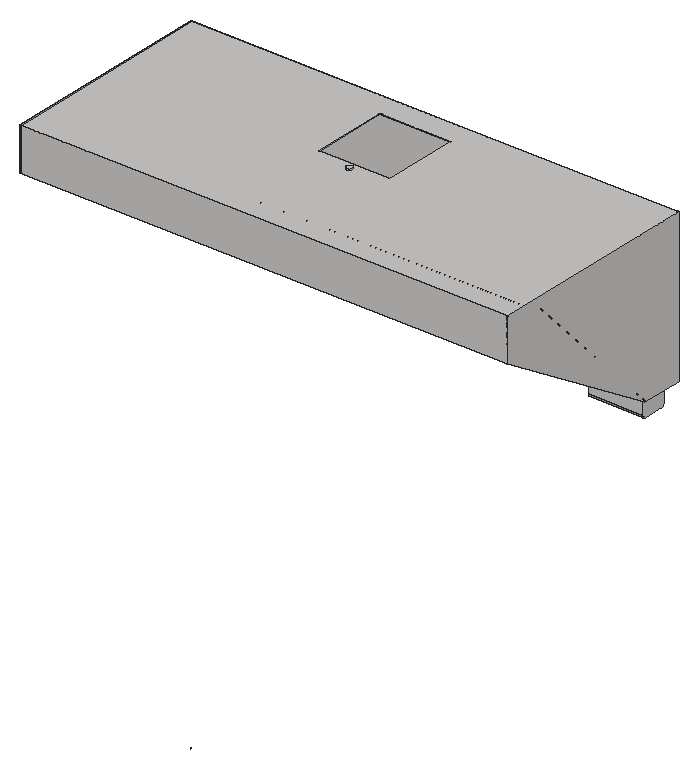
Revit family "QF_ELECTROLUXPROFESSIONAL_644200_AMPV716DT", category Specialty Equipment, Revit 2014
Reference planes
  plane 1: z = 0
  plane 2 "Center (Left/Right)": x = 150
  plane 3 "LEFT": x = -650
  plane 4 "RIGHT": x = 950
  plane 5 "BACK": y = 550
  plane 6 "Plane": z = 2000
  plane 7 "TOP": z = 2140
  plane 8 "Base": z = 1640
  plane 9: z = 1566
  plane 10 "DrainY": y = 485
  plane 11: x = -647
  plane 12: through (0, 414.509, 1640.8) normal (0, 0.7314, 0.682)
  plane 13: y = 470
  plane 14: y = 220
  plane 15 "DrainX": x = 830
  plane 16: x = 33.5
  plane 17: x = 266.5
  plane 18: x = 947
  plane 19: x = 740
  plane 20: x = 920
  plane 21: x = -450
  plane 22: x = 750
  plane 23: x = -47.5
  plane 24: x = 347.5
  plane 25 "FRONT": y = -150
  plane 26 "Center (Front/Back)": y = 200
Forms (mm)
  Extrusion 1, solid, material "QF_Finishes_Stainless Steel"
    sketch origin (-650, 0, 0) x (0, 1, 0) y (0, 0, 1)
      loop
        line (550, 1640) -> (550, 2140) -> (-150, 2140) -> (-150, 1998.603) -> (413.973, 1640) -> (550, 1640)
    from 0 to 3
  Extrusion 2, solid, material "QF_Finishes_Stainless Steel"
    sketch origin (150, 0, 0) x (0, 1, 0) y (0, 0, 1)
      loop
        line (415.255, 1640) -> (550, 1640) -> (550, 2139.19) -> (549.2, 2139.19) -> (549.2, 1640.8) -> (415.876, 1640.8) -> (339.347, 1722.867) -> (349.609, 1732.436) -> (348.927, 1733.167) -> (337.934, 1722.917) -> (415.255, 1640)
      loop
        line (-82.203, 2139.19) -> (-82.203, 2118.6) -> (-31.047, 2118.6) -> (34.354, 2048.466) -> (46.028, 2059.352) -> (45.346, 2060.083) -> (34.403, 2049.879) -> (-30.612, 2119.6) -> (-81.203, 2119.6) -> (-81.203, 2139.19) -> (-82.203, 2139.19)
    from -797 to 797
  Extrusion 3, solid, material "QF_Finishes_Stainless Steel"
    sketch origin (950, 0, 0) x (0, 1, 0) y (0, 0, 1)
      loop
        line (550, 1640) -> (550, 2140) -> (-150, 2140) -> (-150, 1998.603) -> (413.973, 1640) -> (550, 1640)
    from 0 to -3
  Extrusion 4, solid, material "QF_Finishes_Stainless Steel"
    sketch origin (150, 0, 0) x (0, 1, 0) y (0, 0, 1)
      loop
        line (-150, 2140) -> (-150, 2000) -> (-149.2, 2000) -> (-149.2, 2139.19) -> (550, 2139.19) -> (550, 2140) -> (-150, 2140)
    from -800 to 800
  Extrusion 5, solid, material "QF_Finishes_Stainless Steel"
    sketch origin (150, 0, 0) x (0, 1, 0) y (0, 0, 1)
      loop
        line (534, 1640) -> (436, 1640) -> (436, 1627) -> (443.5, 1627) -> (443.5, 1576)
        arc (443.5, 1576) -> (446.429, 1568.929) -> (453.5, 1566) r 10
        line (453.5, 1566) -> (516.5, 1566)
        arc (516.5, 1566) -> (523.571, 1568.929) -> (526.5, 1576) r 10
        line (526.5, 1576) -> (526.5, 1627) -> (534, 1627) -> (534, 1640)
    from 590 to 770
  Extrusion 6, solid, material "QF_Finishes_Stainless Steel"
    sketch origin (0, 0, 1640) x (0, 1, 0) y (-1, 0, 0)
      loop
        circle (485, -830) r 20
    from -76 to -74
  Extrusion 7, solid, material "QF_Finished_Chrome"
    sketch origin (150, 0, 0) x (0, 1, 0) y (0, 0, 1)
      loop
        line (337.934, 1722.917) -> (341.591, 1726.327) -> (38.011, 2051.876) -> (34.354, 2048.466) -> (337.934, 1722.917)
    from -197.5 to -600
  Extrusion 8, solid, material "QF_Finishes_Stainless Steel"
    sketch origin (150, 0, 0) x (0, 1, 0) y (0, 0, 1)
      loop
        line (337.934, 1722.917) -> (341.591, 1726.327) -> (38.011, 2051.876) -> (34.354, 2048.466) -> (337.934, 1722.917)
    from 797 to 600
  Extrusion 9, solid, material "QF_Finished_Chrome"
    sketch origin (150, 0, 0) x (0, 1, 0) y (0, 0, 1)
      loop
        line (341.588, 1726.324) -> (38.009, 2051.874) -> (34.354, 2048.466) -> (337.934, 1722.917) -> (341.588, 1726.324)
    from 197.5 to 600
  Extrusion 10, void
    sketch origin (0, 0, 2140) x (0, 1, 0) y (-1, 0, 0)
      loop
        line (470, -266.5) -> (470, -33.5) -> (220, -33.5) -> (220, -266.5) -> (470, -266.5)
    from 0 to -10
  Extrusion 11, solid, material "QF_Finishes_Stainless Steel"
    sketch origin (0, 0, 0) x (1, 0, 0) y (0, 1, 0)
      loop
        line (-650, 550) -> (-650, 549) -> (-649, 549) -> (-649, 550) -> (-650, 550)
    from 0 to 1
  Extrusion 12, solid, material "QF_Finishes_Stainless Steel"
    sketch origin (150, 0, 0) x (0, 1, 0) y (0, 0, 1)
      loop
        line (337.934, 1722.917) -> (341.591, 1726.327) -> (38.011, 2051.876) -> (34.354, 2048.466) -> (337.934, 1722.917)
    from -600 to -797
  Extrusion 13, solid, material "QF_Finishes_Stainless Steel"
    sketch origin (150, 0, 0) x (0, 1, 0) y (0, 0, 1)
      loop
        line (337.934, 1722.917) -> (341.591, 1726.327) -> (38.011, 2051.876) -> (34.354, 2048.466) -> (337.934, 1722.917)
    from 197.5 to -197.5
  Extrusion 14, solid, material "QF_Finishes_Stainless Steel"
    sketch origin (0, 0, 2140) x (0, 1, 0) y (-1, 0, 0)
      loop
        circle (200, -150) r 10
    from 0 to 2
Cuts and joins
  Extrusion 10 cuts Extrusion 4
  joined: Extrusion 2, Extrusion 4
Lines and regions (mm)
  reference lines
    curve 1: line (150, 34.354, 2048.466) -> (150, 34.354, 1888.466)
  symbolic lines, style "SpecialityEquipment", detail levels coarse
    curve 2: line (950, 550, 2140) -> (-650, 550, 2140)
    curve 3: line (-650, 550, 2140) -> (-650, -150, 2140)
    curve 4: line (950, -150, 2140) -> (950, 550, 2140)
    curve 5: line (-650, -150, 2140) -> (950, -150, 2140)
    curve 6: line (266.5, 220, 2140) -> (33.5, 220, 2140)
    curve 7: line (266.5, 470, 2140) -> (266.5, 220, 2140)
    curve 8: line (33.5, 470, 2140) -> (266.5, 470, 2140)
    curve 9: line (33.5, 220, 2140) -> (33.5, 470, 2140)
    curve 10: line (-650, -150, 2140) -> (950, 550, 2140)
    curve 11: line (-650, 550, 2140) -> (950, -150, 2140)
Dimensions and locks
  plane 3 "LEFT" to plane 4 "RIGHT" = 1600 mm
  equal spacing: plane 3 "LEFT", plane 2 "Center (Left/Right)", plane 4 "RIGHT"
  locked: plane 6 "Plane" to level at 2000
  plane 7 "TOP" to plane 6 "Plane" = 140 mm
  locked: plane 7 "TOP" to plane 8 "Base" at 500
  plane 8 "Base" to plane 9 = 74 mm
  plane 5 "BACK" to plane 10 "DrainY" = 65 mm  (x2)
  plane 3 "LEFT" to plane 11 = 3 mm
  plane 5 "BACK" to plane 13 = 80 mm
  plane 13 to plane 14 = 250 mm  (x2)
  plane 15 "DrainX" to plane 4 "RIGHT" = 120 mm
  plane 18 to plane 4 "RIGHT" = 3 mm
  locked: plane 19 to plane 15 "DrainX" at 90
  locked: plane 15 "DrainX" to plane 20 at 90
  plane 13 to plane 5 "BACK" = 80 mm
  plane 3 "LEFT" to plane 21 = 200 mm
  plane 22 to plane 4 "RIGHT" = 200 mm
  locked: plane 23 to plane 24 at 395
  equal spacing: plane 23, plane 2 "Center (Left/Right)", plane 24
  locked: plane 16 to plane 17 at 233
  equal spacing: plane 16, plane 2 "Center (Left/Right)", plane 17
  locked: plane 5 "BACK" to plane 25 "FRONT" at 700
  equal spacing: plane 5 "BACK", plane 26 "Center (Front/Back)", plane 25 "FRONT"
  plane 5 "BACK" to plane 25 "FRONT" = 700 mm
  aligned and locked: level to plane 1
  aligned and locked: Extrusion 2 to Extrusion 1
  aligned and locked: Extrusion 2 to Extrusion 3
  aligned and locked: plane 4 "RIGHT" to Extrusion 4
  aligned and locked: Extrusion 4 to plane 3 "LEFT"
  aligned and locked: plane 18 to Extrusion 8
  aligned and locked: Extrusion 10 to plane 16
  aligned and locked: Extrusion 10 to plane 14
  aligned and locked: Extrusion 10 to plane 13
  aligned and locked: Extrusion 2 to Extrusion 4
  aligned and locked: plane 20 to Extrusion 5
  aligned and locked: Extrusion 5 to plane 19
  aligned and locked: Extrusion 8 to plane 22
  aligned and locked: Extrusion 9 to plane 22
  aligned and locked: Extrusion 7 to plane 21
  aligned and locked: Extrusion 12 to plane 11
  aligned and locked: plane 21 to Extrusion 12
  aligned and locked: Extrusion 3 to plane 18
  aligned and locked: Extrusion 10 to plane 17
  aligned and locked: plane 17 to curve 7
  aligned and locked: plane 24 to Extrusion 13
  aligned and locked: Extrusion 13 to plane 23
  aligned and locked: Extrusion 9 to plane 24
Automatic sketch dimensions
  Extrusion 1 sketch curve to plane 8 "Base" = 0 mm
  Extrusion 1 sketch curve to plane 5 "BACK" = 0 mm
  Extrusion 1 sketch curve to plane 7 "TOP" = 0 mm
  plane 13 to Extrusion 1 sketch curve = 56.027 mm
  Extrusion 1 sketch curve to plane 6 "Plane" = 1.397 mm
  Extrusion 2 sketch curve to plane 12 = 0 mm  (x3)
  Extrusion 2 sketch curve to plane 8 "Base" = 0 mm
  plane 12 to Extrusion 2 sketch curve = 0 mm
  Extrusion 2 sketch curve to plane 5 "BACK" = 0 mm
  Extrusion 2 sketch curve to Extrusion 2 sketch curve = 65.646 mm
  Extrusion 2 sketch curve to Extrusion 2 sketch curve = 0.682 mm  (x2)
  Extrusion 2 sketch curve to Extrusion 2 sketch curve = 10.261 mm
  plane 8 "Base" to Extrusion 2 sketch curve = 82.917 mm
  Extrusion 2 sketch curve to Extrusion 2 sketch curve = 10.942 mm
  Extrusion 2 sketch curve to Extrusion 2 sketch curve = 0.049 mm
  Extrusion 2 sketch curve to plane 7 "TOP" = 20.4 mm
  Extrusion 2 sketch curve to plane 7 "TOP" = 21.4 mm
  Extrusion 2 sketch curve to plane 7 "TOP" = 0.81 mm  (x2)
  Extrusion 2 sketch curve to Extrusion 2 sketch curve = 50.156 mm
  Extrusion 2 sketch curve to Extrusion 2 sketch curve = 1 mm
  plane 8 "Base" to Extrusion 2 sketch curve = 0.8 mm
  Extrusion 2 sketch curve to plane 5 "BACK" = 0.8 mm
  Extrusion 4 sketch curve to plane 6 "Plane" = 0 mm
  Extrusion 4 sketch curve to plane 5 "BACK" = 0 mm
  Extrusion 4 sketch curve to plane 7 "TOP" = 0 mm
  Extrusion 4 sketch curve to plane 7 "TOP" = 0.81 mm
  curve 1 to plane 12 = 0 mm
  curve 1 to plane 6 "Plane" = 111.534 mm
  Extrusion 5 sketch curve to plane 8 "Base" = 0 mm
  Extrusion 5 sketch curve to plane 9 = 0 mm
  Extrusion 5 sketch curve to plane 8 "Base" = 13 mm  (x2)
  plane 13 to Extrusion 5 sketch curve = 34 mm
  Extrusion 5 sketch curve to Extrusion 5 sketch curve = 7.5 mm  (x2)
  Extrusion 5 sketch curve to Extrusion 5 sketch curve = 10 mm
  plane 10 "DrainY" to Extrusion 5 sketch curve = 31.5 mm
  Extrusion 5 sketch curve to plane 5 "BACK" = 23.5 mm
  Extrusion 6 sketch curve to plane 10 "DrainY" = 0 mm
  Extrusion 6 sketch curve to plane 15 "DrainX" = 0 mm
  Extrusion 7 sketch curve to plane 12 = 0 mm  (x2)
  Extrusion 7 sketch curve to Extrusion 7 sketch curve = 3.657 mm
  plane 8 "Base" to Extrusion 7 sketch curve = 82.917 mm
  Extrusion 8 sketch curve to plane 12 = 0 mm  (x2)
  Extrusion 8 sketch curve to Extrusion 8 sketch curve = 3.657 mm
  plane 8 "Base" to Extrusion 8 sketch curve = 82.917 mm
  Extrusion 9 sketch curve to plane 12 = 0 mm  (x2)
  Extrusion 9 sketch curve to Extrusion 9 sketch curve = 3.655 mm
  plane 8 "Base" to Extrusion 9 sketch curve = 82.917 mm
  Extrusion 10 sketch curve to plane 14 = 0 mm
  plane 13 to Extrusion 10 sketch curve = 0 mm
  Extrusion 10 sketch curve to plane 17 = 0 mm
  Extrusion 10 sketch curve to plane 16 = 0 mm
  Extrusion 11 sketch curve to plane 3 "LEFT" = 0 mm
  Extrusion 11 sketch curve to plane 5 "BACK" = 0 mm
  plane 3 "LEFT" to Extrusion 11 sketch curve = 1 mm
  Extrusion 11 sketch curve to Extrusion 11 sketch curve = 1 mm
  Extrusion 12 sketch curve to plane 12 = 0 mm  (x2)
  Extrusion 12 sketch curve to Extrusion 12 sketch curve = 3.657 mm
  plane 8 "Base" to Extrusion 12 sketch curve = 82.917 mm
  Extrusion 13 sketch curve to plane 12 = 0 mm  (x2)
  Extrusion 13 sketch curve to Extrusion 13 sketch curve = 3.657 mm
  plane 8 "Base" to Extrusion 13 sketch curve = 82.917 mm
  Extrusion 4 sketch curve to Extrusion 4 sketch curve = 0.8 mm
  Extrusion 1 sketch curve to plane 14 = 370 mm
  plane 6 "Plane" to Extrusion 2 sketch curve = 48.466 mm
  Extrusion 4 sketch curve to plane 14 = 369.2 mm
  curve 1 to plane 14 = 185.646 mm
  plane 6 "Plane" to Extrusion 7 sketch curve = 51.876 mm
  plane 6 "Plane" to Extrusion 8 sketch curve = 51.876 mm
  plane 6 "Plane" to Extrusion 9 sketch curve = 51.874 mm
  plane 6 "Plane" to Extrusion 12 sketch curve = 51.876 mm
  plane 6 "Plane" to Extrusion 13 sketch curve = 51.876 mm
  Extrusion 3 sketch curve to plane 7 "TOP" = 0 mm
  Extrusion 3 sketch curve to plane 8 "Base" = 0 mm
  Extrusion 3 sketch curve to plane 5 "BACK" = 0 mm
  Extrusion 3 sketch curve to plane 25 "FRONT" = 0 mm
  plane 13 to Extrusion 3 sketch curve = 56.027 mm
  Extrusion 3 sketch curve to plane 6 "Plane" = 1.397 mm
  Extrusion 14 sketch curve to plane 2 "Center (Left/Right)" = 0 mm
  Extrusion 14 sketch curve to plane 26 "Center (Front/Back)" = 0 mm
  curve 11 to plane 4 "RIGHT" = 0 mm
  curve 10 to plane 3 "LEFT" = 0 mm
  curve 10 to plane 25 "FRONT" = 0 mm
  curve 7 to plane 14 = 0 mm
  plane 13 to curve 7 = 0 mm
  curve 3 to plane 5 "BACK" = 0 mm
  curve 6 to plane 16 = 0 mm
  radius of Extrusion 6 sketch curve = 20 mm
  radius of Extrusion 14 sketch curve = 10 mm
Connectors
  piping at (830, 485, 1564), diameter 20
    settings: on Extrusion 6, index 1, connector inside diameter 609.6 mm, connector length 0 mm, flow factor 0, pipe flow 0.0 L/s, pressure drop 0.0 Pa, fitting loss kfactor 0, connector angle 0.00°, fixture units 0, engagement length 0 mm, angle of deflection 0.00°, flow configuration 1, flow direction 2, fitting loss method 0, system type 16, joint type 0, gender type 0, connector reference index -1, connector utility 0, adjustable connector no, is connector primary yes, connector description "Drain"
  hvac at (150, 345, 2140)
    settings: on Extrusion 10, index 2, duct flow 0.0 L/s, flow factor 0, pres drop 0.0 Pa, loss coef 0, conn angle 0.00°, conn width 250 mm, conn height 233 mm, conn diameter 609.6 mm, duct sys type 3, conn prof type 1, flow config 1, flow direction 2, loss method 0, conn ref index -1, conn util no, is conn primary yes, conn desc "EXHAUST OUTLET"
  electrical at (150, 200, 2142)
    settings: on Extrusion 14, index 3, voltage 0 V, apparent load 0 VA, apparent load phase1 0 VA, apparent load phase2 0 VA, apparent load phase3 0 VA, power factor 1, load classification "Other", number of poles 1, system type 31, power factor state 1, is connector primary yes, connector utility no, sub classification motor no, connector description "Electrical Connection"
